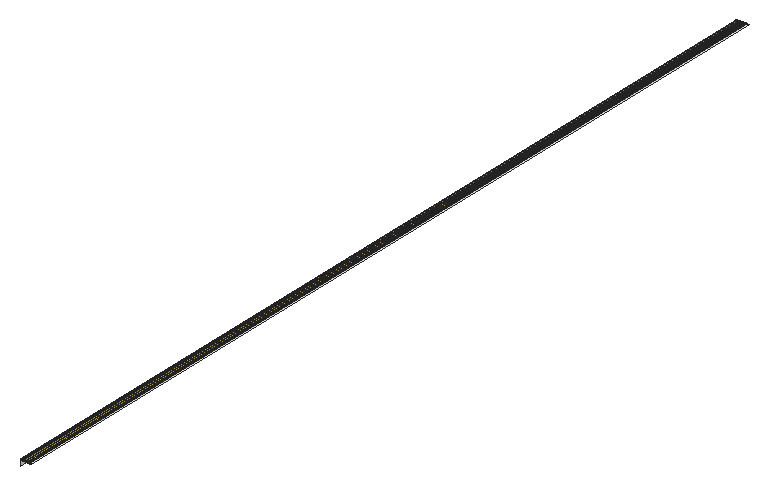
Revit family "111213007058100", category Modelos genéricos, Revit 2018
Family settings
  Puede alojar armadura = No
  Cota de conector redondo = Diámetro de uso
  Tipo de pieza = Normal
  Se basa en plano de trabajo = No
  Siempre vertical = No
  Corte con vacíos al cargar = No
  Compartido = No
  Punto de cálculo de habitación = No
Parameters (values of type "NARIZ DE GRADA ALUMINIO PVC 40X20MM AMARILLO TIRA 3MT")
  Ventajas = ""
  Uso = "El perfil nariz de grada está compuesto por una base de aluminio y de PVC\r\nantideslizante estriado. Se utiliza para escaleras de cerámicas y su diseño permite lograr\r\nuna mejor estética de su escala. Fácil instalación debido a que solo utiliza pernos."
  Unidad = "Tiras de 1.20 Mts y 3.00 Mts."
  URL = "https://www.empresascnp.cl/"
  Num SKUs = "111213007058100"
  Nombre SKU = "NARIZ DE GRADA ALUMINIO PVC 40X20MM AMARILLO TIRA 3MT"
  Modelo = "NARIZ DE GRADA ALUMINIO PVC 40X20MM"
  Material = PVC flexible amarillo
  Url Ficha tecnica = "https://empresascnp.cl/wp-content/uploads//pdf/ficha-tecnica-nariz-de-grada-aluminio-pvc-40x20mm-amarillo-tira-3mt.pdf"
  Largo = 3000.00 mm
  Espesor = 2.00 mm
  Empresa = "CNP SPA."
  Dureza = ""
  Dimension = 40.00 mm
  Descripción = "Grada Estoperol Goma 320x4MM"
  Contacto = "info@empresascnp.cl"
  Color = "AMARILLO"
  Aplicacion = "Escaleras"
  Alto = 20.00 mm
Reference planes
  plane 1 "Center F/B": y = 0
  plane 2: z = 0
  plane 3 "Center L/R": x = 0
  plane 4: z = -20
  plane 5 "2": y = 1500
  plane 6 "3": y = -1500
  plane 7: x = 40
  plane 8: z = -2
  plane 9 "4": x = 2
Forms (mm)
  Extrusion 1, solid, material "Aluminio"
    sketch origin (0, 0, 0) x (1, 0, 0) y (0, 0, 1)
      loop
        line (34.416, 0) -> (30.367, 0) -> (30.367, -1) -> (31.367, -1) -> (31.367, -2) -> (8.549, -2) -> (8.549, -1) -> (9.549, -1) -> (9.549, 0) -> (3, 0)
        arc (3, 0) -> (0.879, -0.879) -> (0, -3) r 3
        line (0, -3) -> (0, -20) -> (2, -20) -> (2, -5)
        arc (2, -5) -> (2.197, -3.93) -> (2.764, -3) r 3
        line (2.764, -3) -> (33.367, -3) -> (33.367, -1) -> (36.159, -2) -> (40, -2) -> (34.416, 0)
    from -1500 to 1500
  Extrusion 2, solid, material "PVC flexible amarillo" <- "Material"
    sketch origin (-6.723, 0, 38.129) x (1, 0, 0) y (0, 0, 1)
      loop
        line (37.09, -37.629) -> (35.715, -37.629) -> (35.715, -38.419) -> (33.715, -38.419) -> (33.715, -37.629) -> (31.715, -37.629) -> (31.715, -38.419) -> (29.715, -38.419) -> (29.715, -37.629) -> (27.715, -37.629) -> (27.715, -38.419) -> (25.715, -38.419) -> (25.715, -37.629) -> (23.715, -37.629) -> (23.715, -38.419) -> (21.715, -38.419) -> (21.715, -37.629) -> (19.715, -37.629) -> (19.715, -38.419) -> (17.715, -38.419) -> (17.715, -37.629) -> (16.273, -37.629) -> (16.273, -39.129) -> (15.273, -39.129) -> (15.273, -40.129) -> (38.09, -40.129) -> (38.09, -39.129) -> (37.09, -39.129) -> (37.09, -37.629)
    from -1500 to 1500
Dimensions and locks
  "Alto": level to plane 4
  equal spacing: plane 6 "3", plane 1 "Center F/B", plane 5 "2"
  "Largo": plane 6 "3" to plane 5 "2"
  "Dimension": plane 7 to plane 3 "Center L/R"
  "Espesor": plane 2 to Extrusion 1 sketch curve
  "Espesor": Extrusion 1 sketch curve to plane 3 "Center L/R"
  aligned and locked: plane 6 "3" to Extrusion 1
  aligned and locked: Extrusion 1 to plane 5 "2"
  aligned and locked: Extrusion 1 sketch curve to plane 3 "Center L/R"
  aligned and locked: plane 2 to Extrusion 1 sketch curve
  aligned and locked: plane 4 to Extrusion 1 sketch curve
  aligned and locked: Extrusion 1 to Extrusion 2  (x2)
Automatic sketch dimensions
  plane 9 "4" to Extrusion 2 sketch curve = 6.549 mm
  Extrusion 2 sketch curve to Extrusion 2 sketch curve = 1.00 mm  (x4)
  Extrusion 2 sketch curve to Extrusion 2 sketch curve = 1.443 mm
  Extrusion 2 sketch curve to Extrusion 2 sketch curve = 2.00 mm  (x9)
  Extrusion 2 sketch curve to Extrusion 2 sketch curve = 1.375 mm
  Extrusion 2 sketch curve to level = 2.00 mm
  Extrusion 2 sketch curve to Extrusion 2 sketch curve = 0.71 mm
  Extrusion 2 sketch curve to Extrusion 2 sketch curve = 0.00 mm  (x4)
  Extrusion 2 sketch curve to Extrusion 2 sketch curve = 0.79 mm  (x4)
  Extrusion 2 sketch curve to Extrusion 2 sketch curve = 1.50 mm
  level to Extrusion 2 sketch curve = 0.50 mm
  Extrusion 1 sketch curve to level = 0.00 mm
  Extrusion 1 sketch curve to plane 8 = 0.00 mm
  Extrusion 1 sketch curve to plane 7 = 0.00 mm
  plane 9 "4" to Extrusion 1 sketch curve = 0.764 mm
  Extrusion 1 sketch curve to Extrusion 1 sketch curve = 0.236 mm
  Extrusion 1 sketch curve to Extrusion 1 sketch curve = 2.00 mm  (x3)
  Extrusion 1 sketch curve to level = 1.00 mm  (x2)
  Extrusion 1 sketch curve to Extrusion 1 sketch curve = 3.549 mm
  Extrusion 1 sketch curve to Extrusion 1 sketch curve = 1.00 mm  (x3)
  Extrusion 1 sketch curve to plane 7 = 9.633 mm
  Extrusion 1 sketch curve to Extrusion 1 sketch curve = 1.049 mm
  Extrusion 1 sketch curve to Extrusion 1 sketch curve = 1.742 mm
